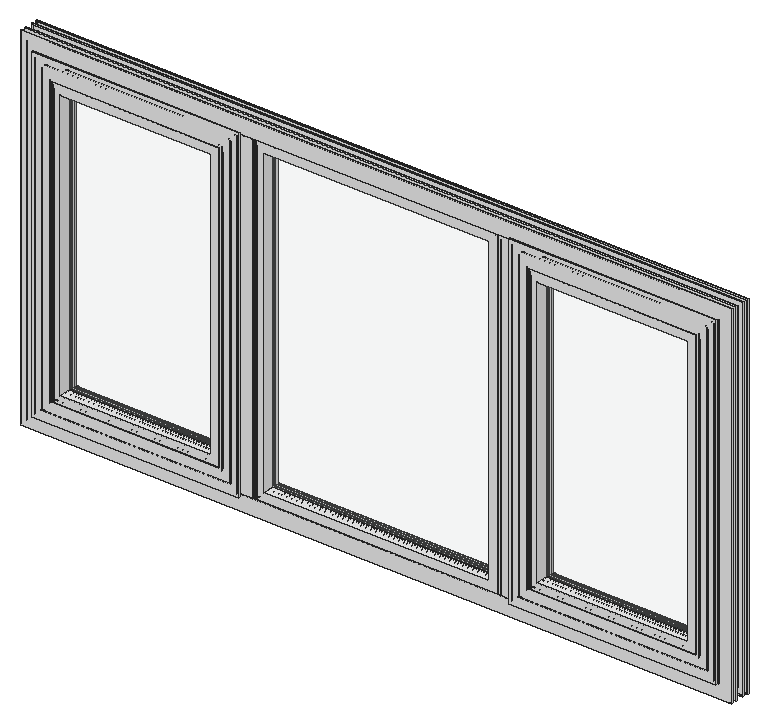
Revit family "Serene_T&T_Window_C_Custom", category Windows, host Wall, Revit 2014
Parameters (values of type "Serene_T&T_Window_C_Custom")
  Windload Design = if(Custom Windload < 1001 mm, 1000 mm, if(Custom Windload < 1501 mm, 1500 mm, 2000 mm))  # 1000 mm
  Width Sash [instance] = 522 mm
  Width = if(Custom Window Width > Limit Window Width Max, Limit Window Width Max, if(Custom Window Width < Limit Window Width Min, Limit Window Width Min, Custom Window Width))  # 1790 mm
  Wall Thickness [instance] = 200 mm
  URL = "http://www.crealco.co.za/crealco-products.php"
  Thermal Resistance (R) [instance] = if(and(Custom U Value > 0.5678, 1 / Custom U Value < 36.9087), Custom U Value, if(not(Custom U Value > 0.5678), 1 / 0.5679, 1 / 36.9086)) * 1.0000 (m²·K)/W  # 1.76087 (m²·K)/W
  Solar Heat Gain Coefficient [instance] = if(and(not(Custom SHGC Value < 0), not(Custom SHGC Value > 1)), Custom SHGC Value, if(Custom U Value < 0, 0, 1))  # 0
  Sash Width = if(Custom Sash Width > Limit Sash Width Max, Limit Sash Width Max, if(Custom Sash Width < Limit Sash Width Min, Limit Sash Width Min, Custom Sash Width))  # 522 mm
  Sash Overlap = 28 mm  # constant formula
  Sash Height = Height - (2 * Sash Edge Gap)  # 822 mm
  Sash Frame Gasket = 3.4 mm  # constant formula
  Sash Edge Gap = 34 mm  # constant formula
  Overall Width [instance] = 1790 mm
  Overall Height [instance] = 890 mm
  Mullion Side Spacing = Sash Edge Gap + Sash Width - Sash Overlap  # 528 mm
  Max System DG Unit Thickness = 20 mm  # constant formula
  Max System DG One Piece Thickness = rounddown((Max System DG Unit Thickness - 12 mm) / 2 mm) * 1 mm  # 4 mm
  Max Pane Area = if(Area Glazing Sash > Area Glazing Fixed Panel, Area Glazing Sash, Area Glazing Fixed Panel)  # 0.48064 m²
  Limit Fixed Panel Width Max = 1800 mm  # constant formula
  Limit Fixed Pane Height Min = 200 mm  # constant formula
  Custom U Value = 0
  Custom SHGC Value = 0
  IGDB or SAGDB Number [instance] = 0
  Height Sash [instance] = 822 mm
  Height = if(Custom Window Height > Limit Window Height Max, Limit Window Height Max, if(Custom Window Height < Limit Window Height Min, Limit Window Height Min, Custom Window Height))  # 890 mm
  Heat Transfer Coefficient (U) [instance] = if(and(Custom U Value > 0.5678, Custom U Value < 36.9087), Custom U Value, if(not(Custom U Value > 0.5678), 0.5679, 36.9086)) * 1.0000 W/(m²·K)  # 0.5679 W/(m²·K)
  Glazing Material [instance] = if(IGDB or SAGDB Number = 1000015, "PFG CLEARVUE 4mm", if(IGDB or SAGDB Number = 9922, "PFG ENERGY ADVANTAGE 4mm LOW-E", if(IGDB or SAGDB Number = 100100, "PFG INTRUDERPRUFE 6.38mm", if(IGDB or SAGDB Number = 103200, "PFG INTRUDERPRUFE LOW-E 7.38mm", if(IGDB or SAGDB Number = 105001, "PFG 20mm CLEARVUE INSULATED GLASS", if(IGDB or SAGDB Number = 105002, "PFG 20mm CLEARVUE INSULATED GLASS LOW-E", "Unknown"))))))  # "Unknown"
  Glazing Code [instance] = if(IGDB or SAGDB Number = 1000015, "CF4", if(IGDB or SAGDB Number = 9922, "CF4E", if(IGDB or SAGDB Number = 100100, "LAM01", if(IGDB or SAGDB Number = 103200, "LAM01E", if(IGDB or SAGDB Number = 105001, "IGU20", if(IGDB or SAGDB Number = 105002, "IGU20E", "Unknown"))))))  # "Unknown"
  Frame Width = 62 mm  # constant formula
  Frame Thickness = 52 mm  # constant formula
  Frame Offset From Exterior [instance] = if(Centered In Wall, (Wall Thickness - Frame Thickness) / 2, Custom Window Exterior Offset)  # 74 mm
  Fixed Panel Width = Width - (2 * Sash Width) - (2 * Sash Edge Gap) - (33.6 mm * 2)  # 610.8 mm
  Fixed Panel Height = Height - (2 mm * 40)  # 810 mm
  DG Thickness Calc = if(not(Max Pane Area > 1.125 m²), 4 mm, if(not(Max Pane Area > 2.25 m²), 4 mm, if(not(Max Pane Area > 3.15 m²), 5 mm, if(not(Max Pane Area > 4.35 m²), 6 mm, if(not(Max Pane Area > 6.45 m²), 8 mm, 10 mm)))))  # 4 mm
  DG Thickness [instance] = if(IGDB or SAGDB Number = 105001, 4 mm, if(IGDB or SAGDB Number = 105002, 4 mm, if(DG Thickness Calc > Max System DG One Piece Thickness, Max System DG One Piece Thickness, DG Thickness Calc)))  # 4 mm
  DG Gasket Tickness = 12 mm  # constant formula
  Custom Window Width = 1790 mm
  Custom Window Height = 890 mm
  Custom Window Exterior Offset = 0 mm
  Custom Windload = 1000 mm
  Custom Sash Width = 522 mm
  Single Glazing [instance] = not(Double Glazing)  # yes
  SG Thickness [instance] = if(IGDB or SAGDB Number = 1000015, 4 mm, if(IGDB or SAGDB Number = 9922, 4 mm, if(IGDB or SAGDB Number = 100100, 6 mm, if(IGDB or SAGDB Number = 103200, 7 mm, if(not(Max Pane Area > 0.75 m²), 4 mm, if(not(Max Pane Area > 1.50 m²), 4 mm, if(not(Max Pane Area > 2.10 m²), 5 mm, if(not(Max Pane Area > 2.90 m²), 6.4 mm, if(not(Max Pane Area > 4.30 m²), 8 mm, 10 mm)))))))))  # 4 mm
  Model = "Serene"  # constant formula
  Manufacturer = "Crealco"  # constant formula
  Limit Window Width Min = Limit Fixed Panel Width Min + (2 * Sash Width) + (2 * Sash Edge Gap) + (2 mm * 33.6)  # 1379.2 mm
  Limit Window Width Max = Limit Fixed Panel Width Max + (2 * Sash Width) + (2 * Sash Edge Gap) + (2 mm * 33.6)  # 2979.2 mm
  Limit Window Height Min = Limit Sash Height Min + (2 * Sash Edge Gap)  # 368 mm
  Limit Window Height Max = Limit Sash Height Max + (2 * Sash Edge Gap)  # 1568 mm
  Limit Sash Width Min = 300 mm  # constant formula
  Limit Sash Width Max = 700 mm  # constant formula
  Limit Sash Height Min = 300 mm  # constant formula
  Limit Sash Height Max = 1500 mm  # constant formula
  Limit Fixed Panel Width Min = 200 mm  # constant formula
  Length Mullion = Height - (2 mm * 40)  # 810 mm
  Glazing Finish [instance] = Glass
  Double Glazing [instance] = no
  Description = "Tilt and turn window, Type C custom"  # constant formula
  Default Sill Height = 800 mm
  Wall Closure = By host
  DG Gasket Finish = Double Glazing Gasket Material
  Centered In Wall = yes
  Area Glazing Sash = (Sash Width - (2 mm * 50.2)) * (Sash Height - (2 mm * 50.2))  # 0.304227 m²
  Area Glazing Fixed Panel = (Fixed Panel Width - 10 mm) * (Fixed Panel Height - 10 mm)  # 0.48064 m²
  Aluminium Finish [instance] = White Powder Coated Aluminium
  All Available Glazing Numbers [instance] = "The rows below list the available glazing materials for this window:"  # constant formula
  9922 [instance] = "CF4E"  # constant formula
  105002 [instance] = "IGU20E"  # constant formula
  105001 [instance] = "IGU20"  # constant formula
  103200 [instance] = "LAM01E"  # constant formula
  100100 [instance] = "LAM01"  # constant formula
  1000015 [instance] = "CF4"  # constant formula
Reference planes
  plane 1 "Center (Front/Back)": y = 0
  plane 2 "Center (Left/Right)": x = 0
  plane 3 "Left": x = -895
  plane 4 "Right": x = 895
  plane 5 "Sill": z = 800
  plane 6 "Head": z = 1690
  plane 7 "Exterior": y = 100
  plane 8 "Interior": y = -100
  plane 9: y = 0
Lines and regions (mm)
  Opening 1
    outline origin (3500, -100, 0) x (1, 0, 0) y (0, 0, 1)
      loop
        line (-2605, 800) -> (-2605, 1690) -> (-4395, 1690) -> (-4395, 800) -> (-2605, 800)
Text (mm)
  text "EXTERIOR" at (-1963.203, 1332.353, 0), in view "Ref. Level"
  text "INTERIOR" at (-1981.466, -818.386, 0), in view "Ref. Level"
  text "Exterior" at (0, 923.751, 2943.296), in view "Right"
  text "Exterior" at (0, 1040.484, 2685.409), in view "Left"
Dimensions and locks
  equal spacing: plane 3 "Left", plane 2 "Center (Left/Right)", plane 4 "Right"
  "Width": plane 3 "Left" to plane 4 "Right"
  "Height": plane 5 "Sill" to plane 6 "Head"
  "Default Sill Height": plane 5 "Sill" to level
  locked: plane 7 "Exterior" to host wall at 0
  locked: plane 8 "Interior" to host wall
  "Overall Height": plane 5 "Sill" to plane 6 "Head"
  "Overall Width": plane 3 "Left" to plane 4 "Right"
  "Frame Offset From Exterior": nested 1 to plane 7 "Exterior"
  "Wall Thickness": host wall to host wall
  "Sash Edge Gap": plane 6 "Head" to nested 3
  "Sash Frame Gasket": nested 3 to nested 1
  "Sash Edge Gap": nested 3 to plane 4 "Right"
  "Width Sash": nested 3 to nested 3
  "Height Sash": nested 3 to nested 3
  "Sash Edge Gap": plane 3 "Left" to nested 6
  "Sash Frame Gasket": nested 6 to nested 1
  "Sash Edge Gap": plane 5 "Sill" to nested 6
  aligned and locked: plane 9 to host wall
  aligned and locked: nested 1 to plane 4 "Right"
  aligned and locked: nested 1 to plane 6 "Head"
  aligned and locked: nested 2 to nested 1
  aligned and locked: nested 1 to nested 4
  aligned and locked: nested 4 to nested 1
  aligned and locked: nested 4 to nested 2
  aligned and locked: nested 1 to nested 5
  aligned and locked: nested 5 to nested 4
  aligned and locked: nested 2 to nested 5
  aligned and locked: nested 2 to nested 3
Automatic sketch dimensions
  Opening 1 sketch curve to plane 3 "Left" = 0 mm
  Opening 1 sketch curve to plane 4 "Right" = 0 mm
  Opening 1 sketch curve to plane 5 "Sill" = 0 mm
  Opening 1 sketch curve to plane 6 "Head" = 0 mm
Nested families
  nested 1: "Serene_Frame_Rounded_Ext_52mm_C_Cust" at (-895, -26, 800), Frame Width <- "Width", Frame Height <- "Height", Profile Material <- "Aluminium Finish", type "Serene_Frame_Rounded_Ext_52mm_C_Cust"
    with Profile Material White Powder Coated Aluminium, Frame Width 1790 mm, Frame Height 890 mm
  nested 2: "Serene_Mullion_44mm_Flat_C_Cust" at (372.15, -33.553, 840) x (0, 1, 0) z (0, 0, 1), Length Mullion <- "Length Mullion", Profile Material <- "Aluminium Finish", type "Serene_Mullion_44mm_Flat_C_Cust"
    with Profile Material White Powder Coated Aluminium, Length Mullion 810 mm
  nested 3: "Serene_Sash_Open_In_72mm_C_Cust" at (861, -32.8, 834) x (-1, 0, 0) z (0, 0, 1), Profile Material <- "Aluminium Finish", Glazing Material <- "Glazing Finish", Double Glazing Gasket Material <- "DG Gasket Finish", Width Sash <- "Sash Width", Height Sash <- "Sash Height", SG Glazing Thickness <- "SG Thickness", DG Glazing Thickness <- "DG Thickness", DG Gasket Thickness <- "DG Gasket Tickness", Double Glazing <- "Double Glazing", Single Glazing <- "Single Glazing", type "Serene_Sash_Open_In_72mm_C_Cust"
    with Width Sash 522 mm, Width Bead 422 mm, Tilt yes, Single Glazing yes, SG Offset 32.25 mm, SG Glazing Thickness 4 mm, Right Hinged yes, Profile Material White Powder Coated Aluminium, Left Hinged no, Height Sash 822 mm, Height Bead 722 mm, Glazing Width 421.6 mm, Glazing Material Glass, Glazing Height 721.6 mm, Double Glazing Gasket Material Double Glazing Gasket Material, Double Glazing no, DG Offset 18.75 mm, DG Glazing Thickness 4 mm, DG Gasket Thickness 12 mm
  nested 4: "Serene_Fixed_Panel_C_Cust" at (-305.4, -26, 840), Profile Material <- "Aluminium Finish", Glazing Material <- "Glazing Finish", Double Glazing Gasket Material <- "DG Gasket Finish", SG Thickness <- "SG Thickness", Fixed Panel Width <- "Fixed Panel Width", Fixed Panel Height <- "Fixed Panel Height", DG Thickness <- "DG Thickness", Single Glazing <- "Single Glazing", Double Glazing <- "Double Glazing", type "Serene_Fixed_Panel_C_Cust"
    with Single Glazing yes, SG Thickness 4 mm, SG Space Available 13 mm, SG Offset 4.5 mm, Profile Material White Powder Coated Aluminium, Glazing Width 600.8 mm, Glazing Material Glass, Glazing Height 800 mm, Fixed Panel Width 610.8 mm, Fixed Panel Height 810 mm, Double Glazing Gasket Material Double Glazing Gasket Material, Double Glazing no, DG Thickness 4 mm, DG Space Available 24 mm, DG Offset 2 mm, DG Gasket Thickness 12 mm
  nested 5: "Serene_Mullion_44mm_Flat_C_Cust" at (-278.651, -33.553, 840) x (0, 1, 0) z (0, 0, 1), Length Mullion <- "Length Mullion", Profile Material <- "Aluminium Finish", type "Serene_Mullion_44mm_Flat_C_Cust"
    with Profile Material White Powder Coated Aluminium, Length Mullion 810 mm
  nested 6: "Serene_Sash_Open_In_72mm_C_Cust" at (-339, -32.8, 834) x (-1, 0, 0) z (0, 0, 1), Profile Material <- "Aluminium Finish", Glazing Material <- "Glazing Finish", Double Glazing Gasket Material <- "DG Gasket Finish", Width Sash <- "Sash Width", Height Sash <- "Sash Height", SG Glazing Thickness <- "SG Thickness", DG Glazing Thickness <- "DG Thickness", DG Gasket Thickness <- "DG Gasket Tickness", Double Glazing <- "Double Glazing", Single Glazing <- "Single Glazing", type "Serene_Sash_Open_In_72mm_C_Cust"
    with Width Sash 522 mm, Width Bead 422 mm, Tilt yes, Single Glazing yes, SG Offset 32.25 mm, SG Glazing Thickness 4 mm, Right Hinged no, Profile Material White Powder Coated Aluminium, Left Hinged yes, Height Sash 822 mm, Height Bead 722 mm, Glazing Width 421.6 mm, Glazing Material Glass, Glazing Height 721.6 mm, Double Glazing Gasket Material Double Glazing Gasket Material, Double Glazing no, DG Offset 18.75 mm, DG Glazing Thickness 4 mm, DG Gasket Thickness 12 mm
  nested 7: "Serene_Single_Glazing_Tilt_&_Turn_C_Cust" at (810.8, 3.45, 884.2), type "Serene_Single_Glazing_Tilt_&_Turn_C_Cust"
    with Tilt yes, Right Hinged yes, Left Hinged no, Half Width 210.8 mm, Half Height 360.8 mm, Glazing Width 421.6 mm, Glazing Thickness SG 4 mm, Glazing Material Glass, Glazing Height 721.6 mm
  nested 8: "Serene_Single_Glazing_Fixed_C_Cust" at (300.4, 10, 845), type "Serene_Single_Glazing_Fixed_C_Cust"
    with Glazing Width 600.8 mm, Glazing Thickness SG 4 mm, Glazing Material Glass, Glazing Height 800 mm
  nested 9: "Serene_Single_Glazing_Tilt_&_Turn_C_Cust" at (-389.2, 3.45, 884.2), type "Serene_Single_Glazing_Tilt_&_Turn_C_Cust"
    with Tilt yes, Right Hinged no, Left Hinged yes, Half Width 210.8 mm, Half Height 360.8 mm, Glazing Width 421.6 mm, Glazing Thickness SG 4 mm, Glazing Material Glass, Glazing Height 721.6 mm
Definition of nested family "Serene_Frame_Rounded_Ext_52mm_C_Cust"
  Parameters (values of type "Serene_Frame_Rounded_Ext_52mm")
    Profile Material [instance] = none
    Frame Width [instance] = 600 mm
    Frame Height [instance] = 900 mm
  Reference planes
    plane 1 "Center (Front/Back)": y = 0
    plane 2: z = 0
    plane 3 "Center (Left/Right)": x = 0
  Forms (mm)
    Sweep 1, solid, material <- "Profile Material"
      path origin (0, 0, 0) x (1, 0, 0) y (0, 0, 1)
        loop
          line (0, 0) -> (600, 0) -> (600, 900) -> (0, 900) -> (0, 0)
      profile origin (300, 0, 0) x (0, 0, 1) y (0, -1, 0)
        loop
          line (32.05, -9) -> (32.05, -8) -> (33.7, -8) -> (33.7, -1.3) -> (15.1, -1.3) -> (15.1, -8) -> (16.75, -8) -> (16.75, -9) -> (15.1, -9) -> (15.1, -42.5) -> (16.75, -42.5) -> (16.75, -43.5) -> (15.1, -43.5) -> (15.1, -50.7) -> (33.7, -50.7) -> (33.7, -43.5) -> (32.05, -43.5) -> (32.05, -42.5) -> (33.7, -42.5) -> (33.7, -9) -> (32.05, -9)
        loop
          arc (52.4, -49.7) -> (52.107, -48.993) -> (51.4, -48.7) r 1
          line (51.4, -48.7) -> (50.4, -48.7)
          arc (50.4, -48.7) -> (49.9, -49.2) -> (50.4, -49.7) r 0.5
          line (50.4, -49.7) -> (51.2, -49.7) -> (51.2, -50.7) -> (35, -50.7) -> (35, -49.7) -> (36, -49.7)
          arc (36, -49.7) -> (36.5, -49.2) -> (36, -48.7) r 0.5
          line (36, -48.7) -> (35, -48.7) -> (35, -35.9) -> (40, -35.9) -> (40, -32.956) -> (38.5, -31.79) -> (38.5, -34.6) -> (35, -34.6) -> (35, -21.1) -> (38.5, -21.1) -> (38.5, -26.41) -> (40, -25.244) -> (40, -18.807) -> (38, -17.818) -> (38, -19.5) -> (35, -19.5) -> (35, -1.5) -> (38, -1.5) -> (38, -4.182) -> (40, -3.193) -> (40, 0) -> (0, 0) -> (0, -2.7) -> (1.3, -2.7) -> (1.3, -1.5) -> (13.8, -1.5) -> (13.8, -13.05) -> (0, -13.05) -> (0, -16.05) -> (1.3, -16.05) -> (1.3, -14.35) -> (13.8, -14.35) -> (13.8, -37.65) -> (1.3, -37.65) -> (1.3, -35.95) -> (0, -35.95) -> (0, -38.95) -> (13.8, -38.95) -> (13.8, -50.5) -> (1.3, -50.5) -> (1.3, -49.3) -> (0, -49.3) -> (0, -52) -> (58, -52)
          arc (58, -52) -> (60.828, -50.828) -> (62, -48) r 4
          line (62, -48) -> (62, -40.5) -> (59.5, -40.5) -> (59.5, -41.7) -> (60.7, -41.7) -> (60.7, -43.7) -> (55.5, -43.7) -> (55.5, -41.7) -> (56.7, -41.7) -> (56.7, -40.5) -> (54.2, -40.5) -> (54.2, -44)
          arc (54.2, -44) -> (54.493, -44.707) -> (55.2, -45) r 1
          line (55.2, -45) -> (60.7, -45) -> (60.7, -48)
          arc (60.7, -48) -> (59.909, -49.909) -> (58, -50.7) r 2.7
          line (58, -50.7) -> (52.4, -50.7) -> (52.4, -49.7)
  Lines and regions (mm)
    model lines, style "GenericModel"
      curve 1: line (600, 52, 900) -> (541.992, 52, 841.992)
      curve 2: line (0, 52, 900) -> (58.006, 52, 841.994)
      curve 3: line (0, 52, 0) -> (58.008, 52, 58.008)
      curve 4: line (600, 52, 0) -> (541.992, 52, 58.008)
      curve 5: line (0, 0, 900) -> (40, 0, 860)
      curve 6: line (600, 0, 900) -> (560, 0, 860)
      curve 7: line (600, 0, 0) -> (560, 0, 40)
      curve 8: line (0, 0, 0) -> (40, 0, 40)
  Dimensions and locks
    "Frame Width": Sweep 1 sketch curve to Sweep 1 sketch curve
    "Frame Height": Sweep 1 sketch curve to Sweep 1 sketch curve
    aligned and locked: level to plane 2
  Automatic sketch dimensions
    Sweep 1 sketch curve to Sweep 1 sketch curve = 0 mm  (x9)
    Sweep 1 sketch curve to profile plane = 0 mm  (x4)
    Sweep 1 sketch curve to Sweep 1 sketch curve = 1.3 mm  (x13)
    Sweep 1 sketch curve to Sweep 1 sketch curve = 12.5 mm  (x2)
    Sweep 1 sketch curve to Sweep 1 sketch curve = 1.65 mm  (x4)
    Sweep 1 sketch curve to Sweep 1 sketch curve = 15.3 mm  (x2)
    Sweep 1 sketch curve to Sweep 1 sketch curve = 1 mm  (x10)
    Sweep 1 sketch curve to Sweep 1 sketch curve = 3 mm  (x3)
    Sweep 1 sketch curve to Sweep 1 sketch curve = 0.5 mm  (x2)
    Sweep 1 sketch curve to Sweep 1 sketch curve = 3.5 mm
    Sweep 1 sketch curve to Sweep 1 sketch curve = 2 mm  (x3)
    Sweep 1 sketch curve to Sweep 1 sketch curve = 1.5 mm  (x3)
    Sweep 1 sketch curve to Sweep 1 sketch curve = 14.4 mm
    Sweep 1 sketch curve to Sweep 1 sketch curve = 0.8 mm
    Sweep 1 sketch curve to Sweep 1 sketch curve = 0.2 mm  (x3)
    Sweep 1 sketch curve to Sweep 1 sketch curve = 2.8 mm  (x3)
    Sweep 1 sketch curve to Sweep 1 sketch curve = 0.3 mm
    Sweep 1 sketch curve to Sweep 1 sketch curve = 1.2 mm  (x6)
    Sweep 1 sketch curve to plane 1 "Center (Front/Back)" = 52 mm
    Sweep 1 sketch curve to Sweep 1 sketch curve = 5.2 mm
    Sweep 1 sketch curve to Sweep 1 sketch curve = 7 mm
    Sweep 1 sketch curve to Sweep 1 sketch curve = 10.35 mm  (x2)
    Sweep 1 sketch curve to Sweep 1 sketch curve = 1.7 mm  (x2)
    Sweep 1 sketch curve to Sweep 1 sketch curve = 6.6 mm
    Sweep 1 sketch curve to Sweep 1 sketch curve = 1.644 mm
    Sweep 1 sketch curve to Sweep 1 sketch curve = 1.167 mm  (x2)
    Sweep 1 sketch curve to Sweep 1 sketch curve = 5.379 mm
    Sweep 1 sketch curve to Sweep 1 sketch curve = 4.144 mm
    Sweep 1 sketch curve to Sweep 1 sketch curve = 1.6 mm
    Sweep 1 sketch curve to Sweep 1 sketch curve = 0.693 mm
    Sweep 1 sketch curve to Sweep 1 sketch curve = 1.682 mm
    Sweep 1 sketch curve to Sweep 1 sketch curve = 19.9 mm
    Sweep 1 sketch curve to Sweep 1 sketch curve = 8.818 mm
    Sweep 1 sketch curve to Sweep 1 sketch curve = 4.05 mm
    Sweep 1 sketch curve to Sweep 1 sketch curve = 3.818 mm
    Sweep 1 sketch curve to Sweep 1 sketch curve = 0.99 mm
    Sweep 1 sketch curve to Sweep 1 sketch curve = 6.5 mm
    Sweep 1 sketch curve to Sweep 1 sketch curve = 1.693 mm
    curve 1 to Sweep 1 = 0 mm
    Sweep 1 to curve 1 = 0 mm
    curve 2 to Sweep 1 = 0 mm  (x2)
    curve 3 to Sweep 1 = 0 mm  (x2)
    curve 4 to Sweep 1 = 0 mm  (x2)
    curve 2 to Sweep 1 = 0.006 mm  (x2)
    curve 3 to Sweep 1 = 0.008 mm  (x2)
    curve 1 to Sweep 1 = 0.008 mm  (x2)
    curve 4 to Sweep 1 = 0.008 mm  (x2)
    curve 5 to Sweep 1 = 0 mm  (x4)
    curve 6 to Sweep 1 = 0 mm  (x4)
    curve 7 to Sweep 1 = 0 mm  (x3)
    Sweep 1 to curve 7 = 0 mm
    curve 8 to Sweep 1 = 0 mm  (x3)
    Sweep 1 to curve 8 = 0 mm
    Sweep 1 sketch curve to plane 3 "Center (Left/Right)" = 0 mm
    Sweep 1 sketch curve to level = 0 mm
Definition of nested family "Serene_Mullion_44mm_Flat_C_Cust"
  Parameters (values of type "Serene_Mullion_44mm_Flat")
    Profile Material [instance] = none
    Length Mullion [instance] = 250 mm
    Length Cut = 22 mm
  Reference planes
    plane 1 "Center (Front/Back)": y = 0
    plane 2: z = 0
    plane 3 "Center (Left/Right)": x = 0
  Forms (mm)
    Extrusion 1, solid, material <- "Profile Material"
      sketch origin (0, 0, 0) x (1, 0, 0) y (0, 1, 0)
        loop
          line (9.056, 33.15) -> (50.755, 33.15) -> (50.755, 60.35) -> (9.056, 60.35) -> (9.056, 33.15)
        loop
          line (52.256, 88.75) -> (48.053, 88.75) -> (48.053, 86.25) -> (49.253, 86.25) -> (49.253, 87.45) -> (50.757, 87.45) -> (50.757, 82.25) -> (49.253, 82.25) -> (49.253, 83.45) -> (48.053, 83.45) -> (48.053, 80.95) -> (50.755, 80.95) -> (50.755, 61.75) -> (43.453, 61.75) -> (43.453, 66.75) -> (40.51, 66.75) -> (39.343, 65.25) -> (42.153, 65.25) -> (42.153, 61.75) -> (28.653, 61.75) -> (28.653, 65.25) -> (33.964, 65.25) -> (32.797, 66.75) -> (26.361, 66.75) -> (25.371, 64.75) -> (27.053, 64.75) -> (27.053, 61.75) -> (9.053, 61.75) -> (9.053, 64.75) -> (11.736, 64.75) -> (10.746, 66.75) -> (7.553, 66.75) -> (7.553, 26.749) -> (10.746, 26.749) -> (11.736, 28.749) -> (9.053, 28.749) -> (9.053, 31.749) -> (27.053, 31.749) -> (27.053, 28.749) -> (25.371, 28.749) -> (26.361, 26.749) -> (32.797, 26.749) -> (33.964, 28.249) -> (28.653, 28.249) -> (28.653, 31.749) -> (42.153, 31.749) -> (42.153, 28.249) -> (39.343, 28.249) -> (40.51, 26.749) -> (43.453, 26.749) -> (43.453, 31.749) -> (50.755, 31.749) -> (50.755, 12.55) -> (48.053, 12.55) -> (48.053, 10.05) -> (49.253, 10.05) -> (49.253, 11.25) -> (50.757, 11.25) -> (50.757, 6.05) -> (49.253, 6.05) -> (49.253, 7.25) -> (48.053, 7.25) -> (48.053, 4.75) -> (52.256, 4.75) -> (52.256, 88.75)
      from 0 to 250 <- "Length Mullion"
    Extrusion 2, void
      sketch origin (0, 0, 250) x (0, 1, 0) y (1, 0, 0)
        loop
          line (88.75, 48.053) -> (88.75, 52.256) -> (4.75, 52.256) -> (4.75, 48.053) -> (88.75, 48.053)
      from 0 to 22 <- "Length Cut"
    Extrusion 3, void
      sketch origin (0, 0, 0) x (1, 0, 0) y (0, 1, 0)
        loop
          line (48.053, 4.75) -> (52.256, 4.75) -> (52.256, 88.75) -> (48.053, 88.75) -> (48.053, 4.75)
      from 0 to 22 <- "Length Cut"
  Cuts and joins
    Extrusion 2, Extrusion 3 cuts Extrusion 1
  Dimensions and locks
    aligned and locked: level to plane 2
Definition of nested family "Serene_Sash_Open_In_72mm_C_Cust"
  Parameters (values of type "Serene_Sash_Open_In_72mm")
    Width Sash [instance] = 600 mm
    Width Bead [instance] = Width Sash - (Bead Edge Offset * 2)  # 500 mm
    Tilt [instance] = yes
    Single Glazing [instance] = yes
    SG Offset [instance] = Rear Glazing Channel Offset - SG Available Space + ((SG Available Space - SG Glazing Thickness) / 2)  # 32.25 mm
    SG Glazing Thickness [instance] = 4 mm
    SG Available Space = 13.5 mm  # constant formula
    Right Hinged [instance] = yes
    Rear Glazing Channel Offset = 41 mm  # constant formula
    Profile Material [instance] = none
    Left Hinged [instance] = yes
    Height Sash [instance] = 900 mm
    Height Bead [instance] = Height Sash - (Bead Edge Offset * 2)  # 800 mm
    Glazing Width [instance] = Width Sash - (Glazing Edge Offset * 2)  # 499.6 mm
    Glazing Material [instance] = Glass
    Glazing Height [instance] = Height Sash - (Glazing Edge Offset * 2)  # 799.6 mm
    Glazing Edge Offset = 50.2 mm  # constant formula
    Double Glazing Gasket Material [instance] = none
    Double Glazing [instance] = yes
    DG Offset [instance] = Rear Glazing Channel Offset - DG Available Space + ((DG Available Space - DG Gasket Thickness - (2 * DG Glazing Thickness)) / 2)  # 18.75 mm
    DG Glazing Thickness [instance] = 4 mm
    DG Gasket Thickness [instance] = 12 mm
    DG Available Space = 24.5 mm  # constant formula
    Bead Edge Offset = 50 mm  # constant formula
  Reference planes
    plane 1 "Center (Front/Back)": y = 0
    plane 2: z = 0
    plane 3 "Center (Left/Right)": x = 0
  Forms (mm)
    Sweep 1, solid, material <- "Profile Material"
      path origin (0, 0, 0) x (1, 0, 0) y (0, 0, 1)
        loop
          line (0, 0) -> (600, 0) -> (600, 900) -> (0, 900) -> (0, 0)
      profile origin (300, 0, 0) x (0, 0, 1) y (0, -1, 0)
        loop
          line (21.76, 25.1) -> (23.96, 25.1) -> (23.96, 10.1) -> (21.76, 10.1) -> (21.76, 7.4) -> (18.76, 7.4) -> (18.76, 10.524) -> (17.46, 9.224) -> (17.46, 7.1)
          arc (17.46, 7.1) -> (17.753, 6.393) -> (18.46, 6.1) r 1
          line (18.46, 6.1) -> (23.96, 6.1) -> (23.96, 3.4) -> (22.8, 3.4)
          arc (22.8, 3.4) -> (22.3, 2.9) -> (22.8, 2.4) r 0.5
          line (22.8, 2.4) -> (23.96, 2.4) -> (23.96, 1.3) -> (7.7, 1.3) -> (7.7, 2.4) -> (8.5, 2.4) -> (8.5, 3.4) -> (5.3, 3.4) -> (5.3, 2.4) -> (6.6, 2.4) -> (6.6, 1.1) -> (1.2, 1.1) -> (1.2, 2.4) -> (2.5, 2.4) -> (2.5, 3.4) -> (0, 3.4) -> (0, 0) -> (49.96, 0) -> (49.96, 3.18) -> (48.16, 4.22) -> (48.16, 1.5) -> (45.16, 1.5) -> (45.16, 20.1) -> (48.16, 20.1) -> (48.16, 17.88) -> (49.96, 18.92) -> (49.96, 21.6) -> (45.16, 21.6) -> (45.16, 40) -> (37.96, 47) -> (37.96, 50.7) -> (43.96, 50.7) -> (43.96, 49.3)
          arc (43.96, 49.3) -> (44.253, 48.593) -> (44.96, 48.3) r 1
          line (44.96, 48.3) -> (46.21, 48.3)
          arc (46.21, 48.3) -> (46.71, 48.8) -> (46.21, 49.3) r 0.5
          line (46.21, 49.3) -> (44.96, 49.3) -> (44.96, 50.7) -> (61.46, 50.7) -> (61.46, 49.3) -> (60.21, 49.3)
          arc (60.21, 49.3) -> (59.71, 48.8) -> (60.21, 48.3) r 0.5
          line (60.21, 48.3) -> (61.46, 48.3)
          arc (61.46, 48.3) -> (62.167, 48.593) -> (62.46, 49.3) r 1
          line (62.46, 49.3) -> (62.46, 50.7) -> (66.96, 50.7)
          arc (66.96, 50.7) -> (69.576, 49.616) -> (70.66, 47) r 3.7
          line (70.66, 47) -> (70.66, 45.5) -> (64.16, 45.5) -> (64.16, 41) -> (66.66, 41) -> (66.66, 42.2) -> (65.46, 42.2) -> (65.46, 44.2) -> (70.66, 44.2) -> (70.66, 42.2) -> (69.46, 42.2) -> (69.46, 41) -> (71.96, 41) -> (71.96, 47)
          arc (71.96, 47) -> (70.496, 50.536) -> (66.96, 52) r 5
          line (66.96, 52) -> (33.006, 52) -> (33.006, 50.7) -> (34.46, 50.7) -> (36.66, 50.7) -> (36.66, 47.3) -> (26.46, 47.3) -> (23.536, 47.3) -> (24.836, 46) -> (26.96, 46) -> (26.96, 35.2) -> (23.935, 35.2) -> (18.293, 34.246)
          arc (18.293, 34.246) -> (17.696, 33.906) -> (17.46, 33.26) r 1
          line (17.46, 33.26) -> (17.46, 25.976) -> (18.76, 24.676) -> (18.76, 27.3) -> (21.76, 27.3) -> (21.76, 25.1)
        loop
          line (43.86, 33.9) -> (42.16, 33.9) -> (42.16, 35.2) -> (43.86, 35.2) -> (43.86, 39.451) -> (37.124, 46) -> (28.26, 46) -> (28.26, 34.9)
          arc (28.26, 34.9) -> (27.967, 34.193) -> (27.26, 33.9) r 1
          line (27.26, 33.9) -> (24.094, 33.9) -> (18.76, 33.007) -> (18.76, 28.6) -> (22.06, 28.6)
          arc (22.06, 28.6) -> (22.767, 28.307) -> (23.06, 27.6) r 1
          line (23.06, 27.6) -> (23.06, 26.4) -> (24.26, 26.4)
          arc (24.26, 26.4) -> (24.967, 26.107) -> (25.26, 25.4) r 1
          line (25.26, 25.4) -> (25.26, 24.337) -> (25.26, 9.8)
          arc (25.26, 9.8) -> (24.967, 9.093) -> (24.26, 8.8) r 1
          line (24.26, 8.8) -> (23.06, 8.8) -> (23.06, 7.4) -> (24.26, 7.4)
          arc (24.26, 7.4) -> (24.967, 7.107) -> (25.26, 6.4) r 1
          line (25.26, 6.4) -> (25.26, 1.3) -> (43.86, 1.3) -> (43.86, 33.9)
  Lines and regions (mm)
    model lines, style "GenericModel"
      curve 1: line (600, 0, 900) -> (550.04, 0, 850.04)
      curve 2: line (0, 0, 900) -> (49.96, 0, 850.04)
      curve 3: line (0, 0, 0) -> (49.96, 0, 49.96)
      curve 4: line (600, 0, 0) -> (550.04, 0, 49.96)
      curve 5: line (33.953, -50.7, 866.047) -> (66.968, -50.7, 833.032)
      curve 6: line (566.047, -50.7, 866.047) -> (533, -50.7, 833)
      curve 7: line (566.047, -50.7, 33.953) -> (533.032, -50.7, 66.968)
      curve 8: line (33.953, -50.7, 33.953) -> (66.968, -50.7, 66.968)
      curve 9: line (33.006, -52, 866.994) -> (66.968, -52, 833.032)
      curve 10: line (566.994, -52, 866.994) -> (533, -52, 833)
      curve 11: line (33.006, -52, 33.006) -> (66.968, -52, 66.968)
      curve 12: line (566.994, -52, 33.006) -> (533.032, -52, 66.968)
      curve 13: line (23.536, -47.3, 876.464) -> (33.006, -47.3, 866.994)
      curve 14: line (576.464, -47.3, 876.464) -> (566.994, -47.3, 866.994)
      curve 15: line (576.464, -47.3, 23.536) -> (566.994, -47.3, 33.006)
      curve 16: line (23.536, -47.3, 23.536) -> (33.006, -47.3, 33.006)
  Dimensions and locks
    "Width Sash": Sweep 1 sketch curve to Sweep 1 sketch curve
    "Height Sash": Sweep 1 sketch curve to Sweep 1 sketch curve
    "Bead Edge Offset": nested 1 to plane 2
    "Bead Edge Offset": nested 2 to plane 2
    "Bead Edge Offset": plane 3 "Center (Left/Right)" to nested 1
    "Bead Edge Offset": plane 3 "Center (Left/Right)" to nested 2
    "Glazing Edge Offset": plane 3 "Center (Left/Right)" to nested 3
    "Glazing Edge Offset": nested 3 to plane 2
    "SG Offset": nested 3 to plane 1 "Center (Front/Back)"
    "DG Offset": nested 4 to plane 1 "Center (Front/Back)"
    "Glazing Edge Offset": plane 3 "Center (Left/Right)" to nested 4
    "Glazing Edge Offset": nested 4 to level
    aligned and locked: level to plane 2
    aligned and locked: nested 1 to plane 1 "Center (Front/Back)"
    aligned and locked: nested 2 to plane 1 "Center (Front/Back)"
  Automatic sketch dimensions
    curve 1 to Sweep 1 = 0 mm  (x3)
    Sweep 1 to curve 1 = 0 mm
    curve 2 to Sweep 1 = 0 mm  (x3)
    Sweep 1 to curve 2 = 0 mm
    curve 3 to Sweep 1 = 0 mm  (x4)
    curve 4 to Sweep 1 = 0 mm  (x4)
    curve 8 to Sweep 1 = 30.308 mm  (x2)
    curve 5 to Sweep 1 = 30.308 mm  (x2)
    curve 6 to Sweep 1 = 30.34 mm  (x2)
    curve 7 to Sweep 1 = 30.308 mm  (x2)
    Sweep 1 sketch curve to Sweep 1 sketch curve = 0 mm  (x12)
    Sweep 1 sketch curve to plane 1 "Center (Front/Back)" = 0 mm
    profile plane to Sweep 1 sketch curve = 0 mm
    Sweep 1 sketch curve to profile plane = 1.2 mm
    Sweep 1 sketch curve to Sweep 1 sketch curve = 1.3 mm  (x21)
    Sweep 1 sketch curve to Sweep 1 sketch curve = 2.8 mm  (x2)
    Sweep 1 sketch curve to Sweep 1 sketch curve = 1.1 mm  (x2)
    Sweep 1 sketch curve to Sweep 1 sketch curve = 0.8 mm
    Sweep 1 sketch curve to profile plane = 17.46 mm
    Sweep 1 sketch curve to Sweep 1 sketch curve = 8.96 mm
    Sweep 1 sketch curve to Sweep 1 sketch curve = 0.833 mm
    Sweep 1 sketch curve to Sweep 1 sketch curve = 0.167 mm
    Sweep 1 sketch curve to Sweep 1 sketch curve = 1 mm  (x10)
    Sweep 1 sketch curve to Sweep 1 sketch curve = 3 mm  (x4)
    Sweep 1 sketch curve to Sweep 1 sketch curve = 0.3 mm  (x6)
    plane 1 "Center (Front/Back)" to Sweep 1 sketch curve = 3.4 mm
    Sweep 1 sketch curve to Sweep 1 sketch curve = 1.04 mm
    Sweep 1 sketch curve to Sweep 1 sketch curve = 5.242 mm
    Sweep 1 sketch curve to Sweep 1 sketch curve = 5.175 mm
    Sweep 1 sketch curve to Sweep 1 sketch curve = 0.9 mm
    Sweep 1 sketch curve to Sweep 1 sketch curve = 1.16 mm
    Sweep 1 sketch curve to Sweep 1 sketch curve = 0.158 mm
    Sweep 1 sketch curve to Sweep 1 sketch curve = 1.2 mm  (x6)
    Sweep 1 sketch curve to Sweep 1 sketch curve = 1.624 mm
    Sweep 1 sketch curve to Sweep 1 sketch curve = 0.5 mm  (x3)
    Sweep 1 sketch curve to Sweep 1 sketch curve = 4.746 mm
    Sweep 1 sketch curve to Sweep 1 sketch curve = 1.454 mm
    Sweep 1 sketch curve to Sweep 1 sketch curve = 2.2 mm
    Sweep 1 sketch curve to Sweep 1 sketch curve = 0.464 mm
    Sweep 1 sketch curve to Sweep 1 sketch curve = 0.836 mm
    Sweep 1 sketch curve to Sweep 1 sketch curve = 5.036 mm
    plane 1 "Center (Front/Back)" to Sweep 1 sketch curve = 1.3 mm
    Sweep 1 sketch curve to Sweep 1 sketch curve = 18.6 mm
    Sweep 1 sketch curve to Sweep 1 sketch curve = 1.7 mm
    Sweep 1 sketch curve to Sweep 1 sketch curve = 6 mm
    Sweep 1 sketch curve to Sweep 1 sketch curve = 1.25 mm  (x2)
    plane 1 "Center (Front/Back)" to Sweep 1 sketch curve = 17.88 mm
    plane 1 "Center (Front/Back)" to Sweep 1 sketch curve = 18.92 mm
    Sweep 1 sketch curve to Sweep 1 sketch curve = 1.8 mm  (x2)
    Sweep 1 sketch curve to Sweep 1 sketch curve = 14 mm
    Sweep 1 sketch curve to Sweep 1 sketch curve = 2.7 mm  (x2)
    Sweep 1 sketch curve to Sweep 1 sketch curve = 1.5 mm  (x3)
    plane 1 "Center (Front/Back)" to Sweep 1 sketch curve = 1.1 mm
    plane 1 "Center (Front/Back)" to Sweep 1 sketch curve = 1.5 mm
    Sweep 1 sketch curve to Sweep 1 sketch curve = 1.68 mm
    Sweep 1 sketch curve to Sweep 1 sketch curve = 1.039 mm
    Sweep 1 sketch curve to Sweep 1 sketch curve = 1.4 mm  (x2)
    Sweep 1 sketch curve to Sweep 1 sketch curve = 2.124 mm
    Sweep 1 sketch curve to Sweep 1 sketch curve = 2.22 mm
    Sweep 1 sketch curve to Sweep 1 sketch curve = 14.237 mm
    Sweep 1 sketch curve to Sweep 1 sketch curve = 0.339 mm
    Sweep 1 sketch curve to Sweep 1 sketch curve = 0.763 mm
    Sweep 1 sketch curve to Sweep 1 sketch curve = 1.063 mm
    Sweep 1 sketch curve to Sweep 1 sketch curve = 1.324 mm
    Sweep 1 sketch curve to Sweep 1 sketch curve = 4.407 mm
    Sweep 1 sketch curve to Sweep 1 sketch curve = 0.254 mm
    Sweep 1 sketch curve to Sweep 1 sketch curve = 5.3 mm
    Sweep 1 sketch curve to Sweep 1 sketch curve = 12.3 mm
    Sweep 1 sketch curve to Sweep 1 sketch curve = 4.251 mm
    Sweep 1 sketch curve to Sweep 1 sketch curve = 0.549 mm
    Sweep 1 sketch curve to Sweep 1 sketch curve = 2 mm
    Sweep 1 sketch curve to Sweep 1 sketch curve = 10.8 mm
    Sweep 1 sketch curve to Sweep 1 sketch curve = 2.4 mm
    Sweep 1 sketch curve to Sweep 1 sketch curve = 3.4 mm
    curve 5 to Sweep 1 = 0.947 mm  (x2)
    curve 8 to Sweep 1 = 0.947 mm  (x2)
    curve 7 to Sweep 1 = 0.947 mm  (x2)
    curve 6 to Sweep 1 = 0.947 mm  (x2)
    curve 9 to Sweep 1 = 0 mm  (x2)
    curve 10 to Sweep 1 = 0 mm  (x2)
    Sweep 1 to curve 11 = 0 mm
    curve 11 to Sweep 1 = 0 mm
    curve 12 to Sweep 1 = 0 mm  (x2)
    curve 11 to Sweep 1 = 0.008 mm
    curve 9 to Sweep 1 = 0.008 mm  (x2)
    curve 10 to Sweep 1 = 0.04 mm  (x2)
    curve 12 to Sweep 1 = 0.008 mm
    Sweep 1 to curve 12 = 0.008 mm
    Sweep 1 to curve 11 = 0.008 mm
    curve 13 to Sweep 1 = 0 mm  (x2)
    curve 14 to Sweep 1 = 0 mm  (x2)
    curve 15 to Sweep 1 = 0 mm
    Sweep 1 to curve 15 = 0 mm
    curve 16 to Sweep 1 = 0 mm  (x2)
    Sweep 1 to curve 16 = 3.654 mm
    Sweep 1 to curve 13 = 3.654 mm  (x2)
    Sweep 1 to curve 15 = 3.654 mm
    Sweep 1 to curve 14 = 3.654 mm  (x2)
    curve 15 to Sweep 1 = 3.654 mm
    curve 16 to Sweep 1 = 3.654 mm
    Sweep 1 sketch curve to plane 3 "Center (Left/Right)" = 0 mm
    Sweep 1 sketch curve to level = 0 mm
  Nested families
    nested 1: "Serene_Bead_Square_12mm" at (550, 0, 50) x (-1, 0, 0) z (0, 0, 1), visible <- "Single Glazing", Profile Material <- "Profile Material", Width Bead <- "Width Bead", Height Bead <- "Height Bead", type "Serene_Bead_Square_12mm"
      with Width Bead 500 mm, Profile Material none, Height Bead 800 mm
    nested 2: "Serene_Bead_D_Glazing_Square" at (550, 0, 50) x (-1, 0, 0) z (0, 0, 1), Profile Material <- "Profile Material", visible <- "Double Glazing", Width Bead <- "Width Bead", Height Bead <- "Height Bead", type "Serene_Bead_D_Glazing_Square"
      with Width Bead 500 mm, Profile Material none, Height Bead 800 mm
    nested 3: "Serene_Single_Glazing_Tilt_&_Turn_C_Cust" at (50.2, -36.25, 50.2) x (-1, 0, 0) z (0, 0, 1), Glazing Width <- "Glazing Width", Glazing Height <- "Glazing Height", visible <- "Single Glazing", Glazing Material <- "Glazing Material", Glazing Thickness SG <- "SG Glazing Thickness", Tilt <- "Tilt", Right Hinged <- "Right Hinged", Left Hinged <- "Left Hinged", type "Serene_Single_Glazing_Tilt_&_Turn_C_Cust"
      with Tilt yes, Right Hinged yes, Left Hinged yes, Half Width 249.8 mm, Half Height 399.8 mm, Glazing Width 499.6 mm, Glazing Thickness SG 4 mm, Glazing Material Glass, Glazing Height 799.6 mm
    nested 4: "Serene_Double_Glazing_Tilt_&_Turn_C_Cust" at (50.2, -38.75, 50.2) x (-1, 0, 0) z (0, 0, 1), Glazing Width <- "Glazing Width", Glazing Height <- "Glazing Height", Glazing Thickness DG <- "DG Glazing Thickness", Double Glazing Gasket Thickness <- "DG Gasket Thickness", Double Glazing Gasket Material <- "Double Glazing Gasket Material", Glazing Material <- "Glazing Material", visible <- "Double Glazing", Tilt <- "Tilt", Left Hinged <- "Left Hinged", Right Hinged <- "Right Hinged", type "Serene_Double_Glazing_Tilt_&_Turn_C_Cust"
      with Tilt yes, Right Hinged yes, Left Hinged yes, Half Width 249.8 mm, Half Height 399.8 mm, Glazing Width 499.6 mm, Glazing Thickness DG 4 mm, Glazing Material Glass, Glazing Height 799.6 mm, Double Glazing Gasket Thickness 12 mm, Double Glazing Gasket Material none
  Definition of nested family "Serene_Bead_Square_12mm"
    Parameters (values of type "Serene_Bead_Square_12mm")
      Profile Material [instance] = none
      Width Bead [instance] = 600 mm
      Height Bead [instance] = 900 mm
    Reference planes
      plane 1 "Center (Front/Back)": y = 0
      plane 2: z = 0
      plane 3 "Center (Left/Right)": x = 0
    Forms (mm)
      Sweep 1, solid, material <- "Profile Material"
        path origin (0, 0, 0) x (1, 0, 0) y (0, 0, 1)
          loop
            line (0, 0) -> (600, 0) -> (600, 900) -> (0, 900) -> (0, 0)
        profile origin (300, 0, 0) x (0, 0, 1) y (0, -1, 0)
          loop
            line (20.8, -26.3) -> (19.6, -26.3) -> (19.6, -27.5) -> (22, -27.5) -> (22, 0) -> (0, 0) -> (0, -1.2) -> (1.2, -1.2) -> (1.2, -4.2) -> (-1.876, -4.2) -> (-1.876, -3.293) -> (-3.909, -4.467)
            arc (-3.909, -4.467) -> (-4.142, -5.029) -> (-3.659, -5.4) r 0.5
            line (-3.659, -5.4) -> (1.4, -5.4)
            arc (1.4, -5.4) -> (2.107, -5.107) -> (2.4, -4.4) r 1
            line (2.4, -4.4) -> (2.4, -1.2) -> (20.8, -1.2) -> (20.8, -16.2) -> (-3.659, -16.2)
            arc (-3.659, -16.2) -> (-4.142, -16.571) -> (-3.909, -17.133) r 0.5
            line (-3.909, -17.133) -> (-1.876, -18.307) -> (-1.876, -17.4) -> (20.8, -17.4) -> (20.8, -23.4) -> (14.6, -23.4) -> (14.6, -27.5) -> (17, -27.5) -> (17, -26.3) -> (15.8, -26.3) -> (15.8, -24.6) -> (20.8, -24.6) -> (20.8, -26.3)
    Lines and regions (mm)
      model lines, style "GenericModel"
        curve 1: line (22, 0, 878) -> (0, 0, 900)
        curve 2: line (578, 0, 878) -> (600, 0, 900)
        curve 3: line (578, 0, 22) -> (600, 0, 0)
        curve 4: line (22, 0, 22) -> (0, 0, 0)
    Dimensions and locks
      "Width Bead": Sweep 1 sketch curve to Sweep 1 sketch curve
      "Height Bead": Sweep 1 sketch curve to Sweep 1 sketch curve
      aligned and locked: level to plane 2
    Automatic sketch dimensions
      profile plane to Sweep 1 sketch curve = 3.909 mm
      Sweep 1 sketch curve to Sweep 1 sketch curve = 0 mm  (x4)
      Sweep 1 sketch curve to Sweep 1 sketch curve = 0.25 mm  (x2)
      Sweep 1 sketch curve to Sweep 1 sketch curve = 1.783 mm  (x2)
      Sweep 1 sketch curve to Sweep 1 sketch curve = 1.876 mm
      Sweep 1 sketch curve to Sweep 1 sketch curve = 3.076 mm
      Sweep 1 sketch curve to Sweep 1 sketch curve = 0.2 mm  (x2)
      Sweep 1 sketch curve to Sweep 1 sketch curve = 1.2 mm  (x9)
      Sweep 1 sketch curve to Sweep 1 sketch curve = 16.476 mm
      Sweep 1 sketch curve to Sweep 1 sketch curve = 2.6 mm
      Sweep 1 sketch curve to plane 1 "Center (Front/Back)" = 27.5 mm
      Sweep 1 sketch curve to Sweep 1 sketch curve = 1.7 mm
      Sweep 1 sketch curve to Sweep 1 sketch curve = 5.093 mm
      Sweep 1 sketch curve to Sweep 1 sketch curve = 6 mm
      Sweep 1 sketch curve to Sweep 1 sketch curve = 0.267 mm
      Sweep 1 sketch curve to Sweep 1 sketch curve = 0.433 mm
      Sweep 1 sketch curve to Sweep 1 sketch curve = 10.8 mm
      Sweep 1 sketch curve to Sweep 1 sketch curve = 0.5 mm
      Sweep 1 sketch curve to Sweep 1 sketch curve = 0.907 mm
      Sweep 1 sketch curve to Sweep 1 sketch curve = 2.093 mm
      Sweep 1 sketch curve to Sweep 1 sketch curve = 15 mm
      curve 1 to Sweep 1 = 0 mm  (x4)
      curve 4 to Sweep 1 = 0 mm  (x3)
      Sweep 1 to curve 4 = 0 mm
      curve 3 to Sweep 1 = 0 mm  (x3)
      curve 2 to Sweep 1 = 0 mm  (x4)
      Sweep 1 to curve 3 = 0 mm
      Sweep 1 sketch curve to plane 3 "Center (Left/Right)" = 0 mm
      Sweep 1 sketch curve to level = 0 mm
  Definition of nested family "Serene_Bead_D_Glazing_Square"
    Parameters (values of type "Serene_Bead_D_Glazing_Square")
      Width Bead [instance] = 900 mm
      Profile Material [instance] = none
      Height Bead [instance] = 1320 mm
    Reference planes
      plane 1 "Center (Front/Back)": y = 0
      plane 2: z = 0
      plane 3 "Center (Left/Right)": x = 0
    Forms (mm)
      Sweep 1, solid, material <- "Profile Material"
        path origin (0, 0, 0) x (1, 0, 0) y (0, 0, 1)
          loop
            line (0, 0) -> (900, 0) -> (900, 1320) -> (0, 1320) -> (0, 0)
        profile origin (450, 0, 0) x (0, 0, 1) y (0, -1, 0)
          loop
            line (22, -16.5) -> (22, 0) -> (0, 0) -> (0, -1.2) -> (1.2, -1.2) -> (1.2, -4.2) -> (-1.876, -4.2) -> (-1.876, -3.293) -> (-3.909, -4.467)
            arc (-3.909, -4.467) -> (-4.142, -5.029) -> (-3.659, -5.4) r 0.5
            line (-3.659, -5.4) -> (1.4, -5.4)
            arc (1.4, -5.4) -> (2.107, -5.107) -> (2.4, -4.4) r 1
            line (2.4, -4.4) -> (2.4, -1.2) -> (20.8, -1.2) -> (20.8, -12.4) -> (14.6, -12.4) -> (0, -16.7) -> (-3.659, -16.7)
            arc (-3.659, -16.7) -> (-4.142, -17.071) -> (-3.909, -17.633) r 0.5
            line (-3.909, -17.633) -> (-1.876, -18.807) -> (-1.876, -17.9) -> (0.173, -17.9) -> (14.6, -13.651) -> (14.6, -16.5) -> (17, -16.5) -> (17, -15.3) -> (15.8, -15.3) -> (15.8, -13.6) -> (20.8, -13.6) -> (20.8, -15.3) -> (19.6, -15.3) -> (19.6, -16.5) -> (22, -16.5)
    Lines and regions (mm)
      model lines, style "GenericModel"
        curve 1: line (22, 0, 1298) -> (0, 0, 1298)
        curve 2: line (878, 0, 1298) -> (900, 0, 1298)
        curve 3: line (878, 0, 22) -> (900, 0, 22)
        curve 4: line (22, 0, 22) -> (0, 0, 22)
    Dimensions and locks
      "Width Bead": Sweep 1 sketch curve to Sweep 1 sketch curve
      "Height Bead": Sweep 1 sketch curve to Sweep 1 sketch curve
      aligned and locked: level to plane 2
    Automatic sketch dimensions
      profile plane to Sweep 1 sketch curve = 3.909 mm  (x2)
      Sweep 1 sketch curve to Sweep 1 sketch curve = 0.25 mm  (x2)
      Sweep 1 sketch curve to Sweep 1 sketch curve = 2.033 mm
      Sweep 1 sketch curve to Sweep 1 sketch curve = 1.783 mm
      Sweep 1 sketch curve to Sweep 1 sketch curve = 1.876 mm  (x2)
      Sweep 1 sketch curve to Sweep 1 sketch curve = 0.173 mm
      Sweep 1 sketch curve to Sweep 1 sketch curve = 1.2 mm  (x9)
      Sweep 1 sketch curve to Sweep 1 sketch curve = 0.2 mm
      Sweep 1 sketch curve to Sweep 1 sketch curve = 12.2 mm
      Sweep 1 sketch curve to Sweep 1 sketch curve = 0 mm  (x4)
      Sweep 1 sketch curve to Sweep 1 sketch curve = 2.6 mm
      Sweep 1 sketch curve to plane 1 "Center (Front/Back)" = 18.807 mm
      Sweep 1 sketch curve to Sweep 1 sketch curve = 0.907 mm  (x2)
      Sweep 1 sketch curve to Sweep 1 sketch curve = 0.267 mm
      Sweep 1 sketch curve to Sweep 1 sketch curve = 0.433 mm
      Sweep 1 sketch curve to plane 1 "Center (Front/Back)" = 16.5 mm
      Sweep 1 sketch curve to Sweep 1 sketch curve = 1.649 mm
      Sweep 1 sketch curve to Sweep 1 sketch curve = 1.7 mm
      Sweep 1 sketch curve to Sweep 1 sketch curve = 1.251 mm
      Sweep 1 sketch curve to Sweep 1 sketch curve = 11.3 mm
      Sweep 1 sketch curve to Sweep 1 sketch curve = 0.5 mm
      Sweep 1 sketch curve to Sweep 1 sketch curve = 0.7 mm
      Sweep 1 sketch curve to Sweep 1 sketch curve = 3 mm
      curve 1 to Sweep 1 = 0 mm  (x3)
      curve 4 to Sweep 1 = 0 mm  (x2)
      Sweep 1 to curve 4 = 0 mm
      curve 3 to Sweep 1 = 0 mm  (x2)
      curve 2 to Sweep 1 = 0 mm  (x2)
      Sweep 1 to curve 3 = 0 mm
      Sweep 1 to curve 2 = 0 mm
      Sweep 1 sketch curve to plane 3 "Center (Left/Right)" = 0 mm
      Sweep 1 sketch curve to level = 0 mm
  Definition of nested family "Serene_Single_Glazing_Tilt_&_Turn_C_Cust"
    Parameters (values of type "Single_Glazing_Tilt_&_Turn")
      Tilt [instance] = yes
      Right Hinged [instance] = yes
      Left Hinged [instance] = yes
      Half Width [instance] = Glazing Width / 2  # 450 mm
      Half Height [instance] = Glazing Height / 2  # 750 mm
      Glazing Width [instance] = 900 mm
      Glazing Height [instance] = 1500 mm
      Glazing Thickness SG [instance] = 4 mm
      Glazing Material [instance] = Glass
      Glazing Bead Gap = 21.8 mm  # constant formula
    Reference planes
      plane 1 "Center (Front/Back)": y = 0
      plane 2: z = 0
      plane 3 "Center (Left/Right)": x = 0
    Forms (mm)
      Extrusion 1, solid, material "Glass" <- "Glazing Material"
        sketch origin (0, 0, 0) x (1, 0, 0) y (0, 0, 1)
          loop
            line (0, 0) -> (0, 1500) -> (-900, 1500) -> (-900, 0) -> (0, 0)
        from 0 to 4 <- "Glazing Thickness SG"
    Lines and regions (mm)
      model lines, style "GenericModelHiddenLines", visible <- "Left Hinged"
        curve 1: line (-878.2, 0, 1478.2) -> (-21.8, 0, 750)
        curve 2: line (-21.8, 0, 750) -> (-878.2, 0, 21.8)
      model lines, style "GenericModelHiddenLines", visible <- "Right Hinged"
        curve 3: line (-21.8, 0, 1478.2) -> (-878.2, 0, 750)
        curve 4: line (-878.2, 0, 750) -> (-21.8, 0, 21.8)
      model lines, style "GenericModelHiddenLines", visible <- "Tilt"
        curve 5: line (-878.2, 0, 21.8) -> (-450, 0, 1478.2)
        curve 6: line (-450, 0, 1478.2) -> (-21.8, 0, 21.8)
    Dimensions and locks
      "Glazing Width": plane 3 "Center (Left/Right)" to Extrusion 1 sketch curve
      "Glazing Height": Extrusion 1 sketch curve to level
      "Glazing Bead Gap": curve 2 to Extrusion 1
      "Glazing Bead Gap": Extrusion 1 to curve 2  (x2)
      "Glazing Bead Gap": Extrusion 1 to curve 4  (x2)
      "Glazing Bead Gap": curve 4 to Extrusion 1
      "Glazing Bead Gap": Extrusion 1 to curve 3  (x2)
      "Glazing Bead Gap": Extrusion 1 to curve 1  (x2)
      "Half Height": curve 4 to Extrusion 1
      "Half Height": curve 2 to Extrusion 1
      "Glazing Bead Gap": Extrusion 1 to curve 6
      "Half Width": plane 3 "Center (Left/Right)" to curve 6
      aligned and locked: level to plane 2
      aligned and locked: Extrusion 1 sketch curve to plane 3 "Center (Left/Right)"
      aligned and locked: level to Extrusion 1 sketch curve
  Definition of nested family "Serene_Double_Glazing_Tilt_&_Turn_C_Cust"
    Parameters (values of type "Double_Glazing_Tilt_&_Turn")
      Tilt [instance] = yes
      Left Hinged [instance] = yes
      Right Hinged [instance] = yes
      Half Width [instance] = Glazing Width / 2  # 300 mm
      Half Height [instance] = Glazing Height / 2  # 300 mm
      Glazing Width [instance] = 600 mm
      Glazing Height [instance] = 600 mm
      Glazing Thickness DG [instance] = 4 mm
      Glazing Material [instance] = Glass
      Glazing Bead Gap = 21.8 mm  # constant formula
      Double Glazing Gasket Thickness [instance] = 12 mm
      Double Glazing Gasket Material [instance] = none
    Reference planes
      plane 1 "Center (Front/Back)": y = 0
      plane 2: z = 0
      plane 3 "Center (Left/Right)": x = 0
    Forms (mm)
      Extrusion 1, solid, material "Glass" <- "Glazing Material"
        sketch origin (0, 0, 0) x (1, 0, 0) y (0, 0, 1)
          loop
            line (0, 0) -> (0, 600) -> (-600, 600) -> (-600, 0) -> (0, 0)
        from 0 to 4 <- "Glazing Thickness DG"
      Extrusion 2, solid, material <- "Double Glazing Gasket Material"
        sketch origin (0, -4, 0) x (1, 0, 0) y (0, 0, 1)
          loop
            line (-600, 600) -> (-600, 0) -> (0, 0) -> (0, 600) -> (-600, 600)
          loop
            line (-592, 8) -> (-8, 8) -> (-8, 592) -> (-592, 592) -> (-592, 8)
        from 0 to 12 <- "Double Glazing Gasket Thickness"
      Extrusion 3, solid, material "Glass" <- "Glazing Material"
        sketch origin (0, -16, 0) x (1, 0, 0) y (0, 0, 1)
          loop
            line (-600, 600) -> (-600, 0) -> (0, 0) -> (0, 600) -> (-600, 600)
        from 0 to 4 <- "Glazing Thickness DG"
    Lines and regions (mm)
      model lines, style "GenericModelHiddenLines", visible <- "Left Hinged"
        curve 1: line (-578.2, 0, 21.8) -> (-21.8, 0, 300)
        curve 2: line (-21.8, 0, 300) -> (-578.2, 0, 578.2)
      model lines, style "GenericModelHiddenLines", visible <- "Right Hinged"
        curve 3: line (-21.8, 0, 578.2) -> (-578.2, 0, 300)
        curve 4: line (-578.2, 0, 300) -> (-21.8, 0, 21.8)
      model lines, style "GenericModelHiddenLines", visible <- "Tilt"
        curve 5: line (-578.2, 0, 21.8) -> (-300, 0, 578.2)
        curve 6: line (-300, 0, 578.2) -> (-21.8, 0, 21.8)
    Dimensions and locks
      "Glazing Width": plane 3 "Center (Left/Right)" to Extrusion 1 sketch curve
      "Glazing Height": Extrusion 1 sketch curve to level
      "Glazing Bead Gap": curve 1 to Extrusion 3
      "Glazing Bead Gap": Extrusion 3 to curve 1
      "Glazing Bead Gap": Extrusion 3 to curve 2  (x3)
      "Half Height": curve 2 to Extrusion 3
      "Glazing Bead Gap": Extrusion 3 to curve 4  (x2)
      "Half Height": curve 4 to Extrusion 3
      "Glazing Bead Gap": curve 4 to Extrusion 3
      "Glazing Bead Gap": Extrusion 3 to curve 3  (x2)
      "Glazing Bead Gap": Extrusion 3 to curve 6
      "Half Width": plane 3 "Center (Left/Right)" to curve 6
      aligned and locked: level to plane 2
      aligned and locked: Extrusion 1 sketch curve to plane 3 "Center (Left/Right)"
      aligned and locked: level to Extrusion 1 sketch curve
      aligned and locked: Extrusion 2 sketch curve to Extrusion 1  (x4)
      aligned and locked: Extrusion 3 sketch curve to Extrusion 2  (x4)
    Automatic sketch dimensions
      Extrusion 2 sketch curve to Extrusion 1 = 8 mm  (x4)
Definition of nested family "Serene_Fixed_Panel_C_Cust"
  Parameters (values of type "Serene_Fixed_Panel")
    Single Glazing [instance] = yes
    SG Thickness [instance] = 4 mm
    SG Space Available [instance] = 13 mm  # constant formula
    SG Offset [instance] = (SG Space Available - SG Thickness) / 2  # 4.5 mm
    Profile Material [instance] = none
    Glazing Width [instance] = Fixed Panel Width - (2 * Glazing Edge Spacing)  # 590 mm
    Glazing Material [instance] = Glass
    Glazing Height [instance] = Fixed Panel Height - (2 * Glazing Edge Spacing)  # 890 mm
    Glazing Edge Spacing = 5 mm  # constant formula
    Fixed Panel Width [instance] = 600 mm
    Fixed Panel Height [instance] = 900 mm
    Double Glazing Gasket Material [instance] = none
    Double Glazing [instance] = yes
    DG Thickness [instance] = 4 mm
    DG Space Available [instance] = 24 mm  # constant formula
    DG Offset [instance] = (DG Space Available - (DG Thickness * 2) - DG Gasket Thickness) / 2  # 2 mm
    DG Gasket Thickness [instance] = 12 mm
  Reference planes
    plane 1 "Center (Front/Back)": y = 0
    plane 2: z = 0
    plane 3 "Center (Left/Right)": x = 0
  Dimensions and locks
    "Glazing Edge Spacing": plane 3 "Center (Left/Right)" to nested 3
    "Glazing Edge Spacing": plane 3 "Center (Left/Right)" to nested 4
    "Glazing Edge Spacing": nested 3 to plane 2
    "Glazing Edge Spacing": nested 4 to plane 2
    "SG Offset": nested 3 to nested 1
    "DG Offset": nested 4 to nested 2
    aligned and locked: level to plane 2
    aligned and locked: plane 3 "Center (Left/Right)" to nested 1
    aligned and locked: plane 1 "Center (Front/Back)" to nested 1
    aligned and locked: nested 1 to plane 2
    aligned and locked: plane 3 "Center (Left/Right)" to nested 2
    aligned and locked: plane 1 "Center (Front/Back)" to nested 2
    aligned and locked: nested 2 to plane 2
  Nested families
    nested 1: "Serene_Bead_Square_12mm" at (0, 0, 0), visible <- "Single Glazing", Profile Material <- "Profile Material", Width Bead <- "Fixed Panel Width", Height Bead <- "Fixed Panel Height", type "Serene_Bead_Square_12mm"
      with Width Bead 600 mm, Profile Material none, Height Bead 900 mm
    nested 2: "Serene_Bead_D_Glazing_Square" at (0, 0, 0), visible <- "Double Glazing", Profile Material <- "Profile Material", Width Bead <- "Fixed Panel Width", Height Bead <- "Fixed Panel Height", type "Serene_Bead_D_Glazing_Square"
      with Width Bead 600 mm, Profile Material none, Height Bead 900 mm
    nested 3: "Serene_Single_Glazing_Fixed_C_Cust" at (595, 36, 5), visible <- "Single Glazing", Glazing Material <- "Glazing Material", Glazing Width <- "Glazing Width", Glazing Height <- "Glazing Height", Glazing Thickness SG <- "SG Thickness", type "Serene_Single_Glazing_Fixed_C_Cust"
      with Glazing Width 590 mm, Glazing Thickness SG 4 mm, Glazing Material Glass, Glazing Height 890 mm
    nested 4: "Serene_Double_Glazing_Fixed_C_Cust" at (595, 38.5, 5), visible <- "Double Glazing", Glazing Material <- "Glazing Material", Double Glazing Gasket Material <- "Double Glazing Gasket Material", Glazing Width <- "Glazing Width", Glazing Height <- "Glazing Height", Glazing Thickness DG <- "DG Thickness", Double Glazing Gasket Thickness <- "DG Gasket Thickness", type "Serene_Double_Glazing_Fixed_C_Cust"
      with Glazing Width 590 mm, Glazing Thickness DG 4 mm, Glazing Material Glass, Glazing Height 890 mm, Double Glazing Gasket Thickness 12 mm, Double Glazing Gasket Material none
  Definition of nested family "Serene_Bead_Square_12mm"
    Parameters (values of type "Serene_Bead_Square_12mm")
      Profile Material [instance] = none
      Width Bead [instance] = 600 mm
      Height Bead [instance] = 900 mm
    Reference planes
      plane 1 "Center (Front/Back)": y = 0
      plane 2: z = 0
      plane 3 "Center (Left/Right)": x = 0
    Forms (mm)
      Sweep 1, solid, material <- "Profile Material"
        path origin (0, 0, 0) x (1, 0, 0) y (0, 0, 1)
          loop
            line (0, 0) -> (600, 0) -> (600, 900) -> (0, 900) -> (0, 0)
        profile origin (300, 0, 0) x (0, 0, 1) y (0, -1, 0)
          loop
            line (20.8, -26.3) -> (19.6, -26.3) -> (19.6, -27.5) -> (22, -27.5) -> (22, 0) -> (0, 0) -> (0, -1.2) -> (1.2, -1.2) -> (1.2, -4.2) -> (-1.876, -4.2) -> (-1.876, -3.293) -> (-3.909, -4.467)
            arc (-3.909, -4.467) -> (-4.142, -5.029) -> (-3.659, -5.4) r 0.5
            line (-3.659, -5.4) -> (1.4, -5.4)
            arc (1.4, -5.4) -> (2.107, -5.107) -> (2.4, -4.4) r 1
            line (2.4, -4.4) -> (2.4, -1.2) -> (20.8, -1.2) -> (20.8, -16.2) -> (-3.659, -16.2)
            arc (-3.659, -16.2) -> (-4.142, -16.571) -> (-3.909, -17.133) r 0.5
            line (-3.909, -17.133) -> (-1.876, -18.307) -> (-1.876, -17.4) -> (20.8, -17.4) -> (20.8, -23.4) -> (14.6, -23.4) -> (14.6, -27.5) -> (17, -27.5) -> (17, -26.3) -> (15.8, -26.3) -> (15.8, -24.6) -> (20.8, -24.6) -> (20.8, -26.3)
    Lines and regions (mm)
      model lines, style "GenericModel"
        curve 1: line (22, 0, 878) -> (0, 0, 900)
        curve 2: line (578, 0, 878) -> (600, 0, 900)
        curve 3: line (578, 0, 22) -> (600, 0, 0)
        curve 4: line (22, 0, 22) -> (0, 0, 0)
    Dimensions and locks
      "Width Bead": Sweep 1 sketch curve to Sweep 1 sketch curve
      "Height Bead": Sweep 1 sketch curve to Sweep 1 sketch curve
      aligned and locked: level to plane 2
    Automatic sketch dimensions
      profile plane to Sweep 1 sketch curve = 3.909 mm
      Sweep 1 sketch curve to Sweep 1 sketch curve = 0 mm  (x4)
      Sweep 1 sketch curve to Sweep 1 sketch curve = 0.25 mm  (x2)
      Sweep 1 sketch curve to Sweep 1 sketch curve = 1.783 mm  (x2)
      Sweep 1 sketch curve to Sweep 1 sketch curve = 1.876 mm
      Sweep 1 sketch curve to Sweep 1 sketch curve = 3.076 mm
      Sweep 1 sketch curve to Sweep 1 sketch curve = 0.2 mm  (x2)
